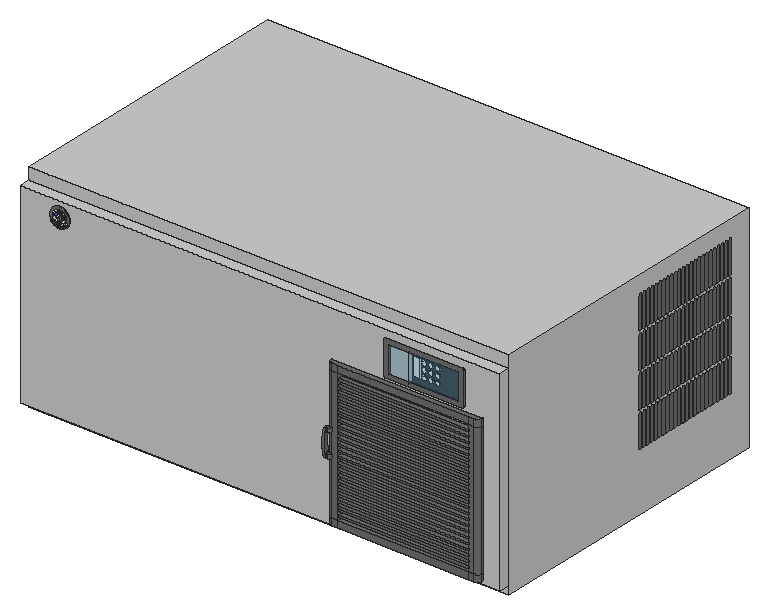
Revit family "QF_HOSHIZAKI_IM-240XPE_251030082202", category Specialty Equipment, Revit 2021
Family settings
  Round Connector Dimension = Use Diameter
  Part Type = Normal
  OmniClass Number = 23.40.40.14
  OmniClass Title = Food Service Equipment
  Work Plane-Based = No
  Always vertical = Yes
  Cut with Voids When Loaded = No
  Shared = No
  Room Calculation Point = No
Parameters (values of type "M120-D001")
  Weight [instance] = 78.00 kg
  Waste Water Discharge Temperature [instance] = 0 °C
  Waste Remarks [instance] = ""
  Warranty Start Date [instance] = ""
  Warranty Duration [instance] = ""
  Volts [instance] = 230 V
  Volt Free Conn [instance] = no
  URL Recommended Spares List [instance] = ""
  URL Manufacturer [instance] = ""
  URL Cutsheet [instance] = ""
  URL Critical Spares List [instance] = ""
  URL = "www.hoshizaki-europe.com"
  Technical Documentation [instance] = ""
  Tag Number [instance] = ""
  Status [instance] = ""
  Start Up Current [instance] = 0 A
  Specification by User [instance] = ""
  Specification by Manufacturer [instance] = ""
  Sound Level [instance] = ""
  Show Logo [instance] = yes
  Show Clearances [instance] = yes
  Service Life Duration [instance] = ""
  Serial Number [instance] = ""
  Seismic Rating [instance] = ""
  SMACNA No [instance] = ""
  Revision Code [instance] = ""
  Revision [instance] = ""
  Production Year [instance] = ""
  Potential Equalisation [instance] = no
  Point Load [instance] = 0
  Plumbing Remarks [instance] = ""
  Plumbing Connection Type [instance] = ""
  Phase [instance] = 1
  Other Equipment Approvals [instance] = ""
  Operational Current [instance] = 0 A
  Odor Trap Included [instance] = no
  Number of Poles [instance] = 2
  No Load Power Draw [instance] = no
  National Water Regulation Certification [instance] = no
  NAFEM Spec ID Number [instance] = ""
  Model Warning [instance] = ""
  Model = "IM-240XPE"
  Min Ckt Ampacity [instance] = 0 A
  Max Overcurrent Protection [instance] = 16 A
  Masterspec [instance] = ""
  Manufacturer = "HOSHIZAKI"
  Main switch integrated [instance] = no
  Length Actual [instance] = 1084 mm
  Item Number [instance] = ""
  Installed By [instance] = ""
  Installation Date [instance] = ""
  Indirect Waste Size [instance] = 19.05 mm
  Indirect Waste Remarks [instance] = ""
  Indirect Waste Flow [instance] = 0.0 L/s
  Indirect Waste Connection Type [instance] = ""
  Indirect Waste Connection Height [instance] = 0 mm
  Identify Quantity as Lot [instance] = no
  ID [instance] = ""
  Hygiene Approval [instance] = ""
  Height Actual [instance] = 500 mm
  HP power [instance] = ""
  Furnished By [instance] = ""
  Foodservice Equipment Identifier [instance] = no
  FL Amps [instance] = 3.67 A
  Electrical Remarks [instance] = "Plug not included"
  Electric power [instance] = 840 W
  Electric Connection Type [instance] = "Cord&Plug"
  Elec Conn RI Height [instance] = 0 mm
  Elec Conn Connection Height [instance] = 0 mm
  ETL Approved [instance] = no
  Direct Waste Water Discharge Temperature [instance] = -273.15 °C
  Direct Waste Size [instance] = 19.05 mm
  Direct Waste RI Height [instance] = 0 mm
  Direct Waste Flow [instance] = 0.0 L/s
  Direct Waste Connection Height [instance] = 0 mm
  Description = "CUBE MODEL IS A MODULAR AND STACKABLE (EXTENSION) ICE MAKER PRODUCING UP TO 210 KG OF CUBE ICE PER 24 HOURS. THIS MODEL IS COMPATIBLE WITH HOSHIZAKI STORAGE BINS"
  Depth Actual [instance] = 700 mm
  Default Elevation = 0 mm
  Cycle [instance] = 50 Hz
  Cost = 7035
  Connection to energy optimisation system [instance] = yes
  Conn Plug [instance] = ""
  Conn Conduit [instance] = no
  Cold Water Temperature Recommended [instance] = 0 °C
  Cold Water Size [instance] = 19.05 mm
  Cold Water Remarks [instance] = ""
  Cold Water RI Height [instance] = 0 mm
  Cold Water Quality [instance] = ""
  Cold Water Minimum Pressure [instance] = 200000.0 Pa
  Cold Water Maximum Pressure [instance] = 600000.0 Pa
  Cold Water Flow [instance] = 0.0 L/s
  Cold Water Connection Type [instance] = ""
  Cold Water Connection Height [instance] = 0 mm
  Centralized building control system with digital interface [instance] = ""
  CSI MasterFormat [instance] = ""
  CE Approved [instance] = no
  Barcode [instance] = 0
  Author [instance] = ""
  Asset Identifier [instance] = ""
  Apparent Power [instance] = 840 VA
  Accessory [instance] = no
Reference planes
  plane 1 "Center (Front/Back)": y = 0
  plane 2: z = 0
  plane 3 "Center (Left/Right)": x = 0
Forms (mm)
  Extrusion 1, solid, not visible
    sketch origin (48.002, -2, 388.019) x (1, 0, 0) y (0, 1, 0)
      loop
        line (-2, 2) -> (-2, -2) -> (2, -2) -> (2, 2) -> (-2, 2)
    from -2 to 2
  Extrusion 2, solid, not visible
    sketch origin (70.003, -2, 52.003) x (1, 0, 0) y (0, 1, 0)
      loop
        line (-2, 2) -> (-2, -2) -> (2, -2) -> (2, 2) -> (-2, 2)
    from -2 to 2
  Extrusion 3, solid, not visible
    sketch origin (1040.051, -2, 374.018) x (1, 0, 0) y (0, 1, 0)
      loop
        line (-2, 2) -> (-2, -2) -> (2, -2) -> (2, 2) -> (-2, 2)
    from -2 to 2
Dimensions and locks
  locked: Extrusion 1 to nested 2
  locked: nested 2 to Extrusion 1 at 2
  locked: Extrusion 2 to nested 3
  locked: nested 3 to Extrusion 2 at 2
  locked: Extrusion 3 to nested 4
  locked: nested 4 to Extrusion 3 at 2
  aligned and locked: level to plane 2
Nested families
  nested 1: "QF_HOSHIZAKI_IM-240DPE_2920" at (0, 0, 0), type "M120-D001"
    with Weight 78.00 kg, Warranty Start Date "", Warranty Duration "", URL Cutsheet "", Technical Documentation "", Tag Number "", Status "", Specification by User "", Specification by Manufacturer "", Sound Level "", Solid Fuel Type "", Show Logo yes, Show Clearances yes, Service Life Duration "", Serial Number "", Seismic Rating "", SMACNA No "", Revision Code "", Revision "", Production Year "", Point Load 0, Other Equipment Approvals "", NAFEM Spec ID Number "", Model Warning "", Masterspec "", Length Actual 1084 mm, Item Number "", Installed By "", Installation Date "", Identify Quantity as Lot yes, ID "", Hygiene Approval "", Height Actual 500 mm, Furnished By "", Foodservice Equipment Identifier yes, ETL Approved yes, Depth Actual 700 mm, CSI MasterFormat "", CE Approved yes, Barcode "", Asset Identifier "", Accessory no
  nested 2: "CONN_POINT_COLDWATER_2D___Generic_Annotation" at (48.002, 0, 388.019), type "CONN_POINT_COLDWATER_2D___Generic_Annotation"
    with Onboard connection annotation symbol visibility yes
  nested 3: "CONN_POINT_DRAIN_2D___Generic_Annotation" at (70.003, 0, 52.003), type "CONN_POINT_DRAIN_2D___Generic_Annotation"
    with Onboard connection annotation symbol visibility yes
  nested 4: "CONN_POINT_ELE_2D___Generic_Annotation" at (1040.051, 0, 374.018), type "CONN_POINT_ELE_2D___Generic_Annotation"
    with Onboard connection annotation symbol visibility yes
Connectors
  piping at (48.002, 0, 388.019), diameter 19.05, driven by "Cold Water Size", driven by "Cold Water Flow"
    settings: on Extrusion 1, index 1, connector inside diameter 609.6 mm, connector length 0 mm, flow factor 0, pipe flow 0.0 L/s, pressure drop 0.0 Pa, fitting loss kfactor 0, connector angle 0.00°, fixture units 0, engagement length 0 mm, angle of deflection 0.00°, flow configuration 1, flow direction 1, fitting loss method 0, system type 20, joint type 0, gender type 0, connector reference index -1, connector utility 0, adjustable connector no, is connector primary yes, connector description "Cold Water connection for IM-240XPE"
  piping at (70.003, 0, 52.003), diameter 19.05, driven by "Indirect Waste Size", driven by "Direct Waste Flow"
    settings: on Extrusion 2, index 2, connector inside diameter 609.6 mm, connector length 0 mm, flow factor 0, pipe flow 0.0 L/s, pressure drop 0.0 Pa, fitting loss kfactor 0, connector angle 0.00°, fixture units 0, engagement length 0 mm, angle of deflection 0.00°, flow configuration 1, flow direction 2, fitting loss method 0, system type 16, joint type 0, gender type 0, connector reference index -1, connector utility 0, adjustable connector no, is connector primary no, connector description "Waste connection for IM-240XPE"
  electrical at (1040.051, 0, 374.018), driven by "Apparent Power", driven by "Number of Poles", driven by "Volts"
    settings: on Extrusion 3, index 3, voltage 230 V, apparent load 0 VA, apparent load phase1 840 VA, apparent load phase2 0 VA, apparent load phase3 0 VA, power factor 1, load classification "Other", number of poles 2, system type 31, power factor state 1, is connector primary yes, connector utility no, sub classification motor no, connector description "Electrical connection for IM-240XPE"
Definition of nested family "QF_HOSHIZAKI_IM-240DPE_2920"
  Parameters (values of type "M120-D002")
    Weight [instance] = 0.00 kg
    Warranty Start Date [instance] = ""
    Warranty Duration [instance] = ""
    URL Cutsheet [instance] = ""
    URL = "www.hoshizaki-europe.com"
    Technical Documentation [instance] = ""
    Tag Number [instance] = ""
    Status [instance] = ""
    Specification by User [instance] = ""
    Specification by Manufacturer [instance] = ""
    Sound Level [instance] = ""
    Solid Fuel Type [instance] = ""
    Show Logo [instance] = yes
    Show Clearances [instance] = yes
    Service Life Duration [instance] = ""
    Serial Number [instance] = ""
    Seismic Rating [instance] = ""
    SMACNA No [instance] = ""
    Revision Code [instance] = ""
    Revision [instance] = ""
    Production Year [instance] = ""
    Point Load [instance] = 0
    Other Equipment Approvals [instance] = ""
    NAFEM Spec ID Number [instance] = ""
    Model Warning [instance] = ""
    Model = "IM-240DPE-23"
    Masterspec [instance] = ""
    Manufacturer = "HOSHIZAKI"
    Length Actual [instance] = 0 mm
    Item Number [instance] = ""
    Installed By [instance] = ""
    Installation Date [instance] = ""
    Identify Quantity as Lot [instance] = yes
    ID [instance] = ""
    Hygiene Approval [instance] = ""
    Height Actual [instance] = 0 mm
    Furnished By [instance] = ""
    Foodservice Equipment Identifier [instance] = yes
    ETL Approved [instance] = yes
    Description = "CUBE MODEL IS A MODULAR AND STACKABLE ICE MAKER PRODUCING UP TO 180 KG OF CUBE ICE PER 24 HOURS. THIS MODEL IS COMPATIBLE WITH HOSHIZAKI STORAGE BINS"
    Depth Actual [instance] = 0 mm
    Default Elevation = 0 mm
    CSI MasterFormat [instance] = ""
    CE Approved [instance] = yes
    Barcode [instance] = ""
    Author = "SPECIFI"
    Asset Identifier [instance] = ""
    Assembly Code = "E1090320"
    Accessory [instance] = yes
  Types (12, lengths in mm): name | Model | Description
    M120 | "IM-240DPE" | "CUBE MODEL IS A MODULAR AND STACKABLE ICE MAKER PRODUCING UP TO 210 KG OF CUBE ICE PER 24 HOURS. THIS MODEL IS COMPATIBLE WITH HOSHIZAKI STORAGE BINS"
    M120-D001 | "IM-240XPE" | "CUBE MODEL IS A MODULAR AND STACKABLE (EXTENSION) ICE MAKER PRODUCING UP TO 210 KG OF CUBE ICE PER 24 HOURS. THIS MODEL IS COMPATIBLE WITH HOSHIZAKI STORAGE BINS"
    M120-D002 | "IM-240DPE-23" | "CUBE MODEL IS A MODULAR AND STACKABLE ICE MAKER PRODUCING UP TO 180 KG OF CUBE ICE PER 24 HOURS. THIS MODEL IS COMPATIBLE WITH HOSHIZAKI STORAGE BINS"
    M120-D003 | "IM-240DPE-32" | "CUBE MODEL IS A MODULAR AND STACKABLE ICE MAKER PRODUCING UP TO 190 KG OF CUBE ICE PER 24 HOURS. THIS MODEL IS COMPATIBLE WITH HOSHIZAKI STORAGE BINS"
    M120-D004 | "IM-240XPE-23" | "CUBE MODEL IS A MODULAR AND STACKABLE (EXTENSION) ICE MAKER PRODUCING UP TO 180 KG OF CUBE ICE PER 24 HOURS. THIS MODEL IS COMPATIBLE WITH HOSHIZAKI STORAGE BINS"
    M120-D005 | "IM-240XPE-32" | "CUBE MODEL IS A MODULAR AND STACKABLE (EXTENSION) ICE MAKER PRODUCING UP TO 190 KG OF CUBE ICE PER 24 HOURS. THIS MODEL IS COMPATIBLE WITH HOSHIZAKI STORAGE BINS"
    M120-D200 | "IM-240DPE-U" | "ULTRACUBE MODEL IS A MODULAR AND STACKABLE ICE MAKER WITH UVC SANITIZATION FUNCTION PRODUCING UP TO 210 KG OF CUBE ICE PER 24 HOURS. THIS MODEL IS COMPATIBLE WITH HOSHIZAKI STORAGE BINS"
    M120-D201 | "IM-240XPE-U" | "ULTRACUBE MODEL IS A MODULAR AND STACKABLE (EXTENSION) ICE MAKER WITH UVC SANITIZATION FUNCTION PRODUCING UP TO 210 KG OF CUBE ICE PER 24 HOURS. THIS MODEL IS COMPATIBLE WITH HOSHIZAKI STORAGE BINS"
    M120-D202 | "IM-240DPE-U-23" | "ULTRACUBE MODEL IS A MODULAR AND STACKABLE ICE MAKER WITH UVC SANITIZATION FUNCTION PRODUCING UP TO 180 KG OF CUBE ICE PER  24 HOURS. THIS MODEL IS COMPATIBLE WITH HOSHIZAKI STORAGE BINS"
    M120-D203 | "IM-240DPE-U-32" | "ULTRACUBE MODEL IS A MODULAR AND STACKABLE ICE MAKER WITH UVC SANITIZATION FUNCTION PRODUCING UP TO 190 KG OF CUBE ICE PER 24 HOURS. THIS MODEL IS COMPATIBLE WITH HOSHIZAKI STORAGE BINS"
    M120-D204 | "IM-240XPE-U-23" | "ULTRACUBE MODEL IS A MODULAR AND STACKABLE (EXTENSION) ICE MAKER WITH UVC SANITIZATION FUNCTION PRODUCING UP TO 180 KG OF CUBE ICE PER 24 HOURS. THIS MODEL IS COMPATIBLE WITH HOSHIZAKI STORAGE BINS"
    M120-D205 | "IM-240XPE-U-32" | "ULTRACUBE MODEL IS A MODULAR AND STACKABLE (EXTENSION) ICE MAKER WITH UVC SANITIZATION FUNCTION PRODUCING UP TO 190 KG OF CUBE ICE PER 24 HOURS. THIS MODEL IS COMPATIBLE WITH HOSHIZAKI STORAGE BINS"
  Reference planes
    plane 1 "Back": y = 0
    plane 2: z = 0
    plane 3 "Left": x = 0
    plane 4 "Right": x = 1083.5
    plane 5 "Front": y = -700
    plane 6 "Top": z = 484.5
  Forms (mm)
    Extrusion 1, solid
      sketch origin (792, -700, 165.965) x (0, 0, -1) y (1, 0, 0)
        loop
          arc (-274.035, 35.5) -> (-272.863, 32.672) -> (-270.035, 31.5) r 4
          line (-270.035, 31.5) -> (-198.035, 31.5)
          arc (-198.035, 31.5) -> (-195.208, 32.671) -> (-194.037, 35.498) r 3.998
          line (-194.037, 35.498) -> (-194.037, 207.502)
          arc (-194.037, 207.502) -> (-195.208, 210.329) -> (-198.035, 211.5) r 3.998
          line (-198.035, 211.5) -> (-270.035, 211.5)
          arc (-270.035, 211.5) -> (-272.863, 210.328) -> (-274.035, 207.5) r 4
          line (-274.035, 207.5) -> (-274.035, 35.5)
        loop
          arc (-264.624, 43.446) -> (-264.326, 42.728) -> (-263.609, 42.431) r 1.015
          line (-263.609, 42.431) -> (-204.466, 42.431)
          arc (-204.466, 42.431) -> (-203.748, 42.728) -> (-203.451, 43.446) r 1.015
          line (-203.451, 43.446) -> (-203.451, 199.554)
          arc (-203.451, 199.554) -> (-203.74, 200.252) -> (-204.437, 200.541) r 0.987
          line (-204.437, 200.541) -> (-263.637, 200.541)
          arc (-263.637, 200.541) -> (-264.335, 200.252) -> (-264.624, 199.554) r 0.987
          line (-264.624, 199.554) -> (-264.624, 43.446)
      from 0 to 2
    Extrusion 2, solid
      sketch origin (792, -700, 734.481) x (0, 0, -1) y (1, 0, 0)
        loop
          arc (304.879, 200.541) -> (304.181, 200.252) -> (303.892, 199.554) r 0.987
          line (303.892, 199.554) -> (303.892, 43.446)
          arc (303.892, 43.446) -> (304.189, 42.728) -> (304.907, 42.431) r 1.015
          line (304.907, 42.431) -> (364.05, 42.431)
          arc (364.05, 42.431) -> (364.768, 42.728) -> (365.065, 43.446) r 1.015
          line (365.065, 43.446) -> (365.065, 199.554)
          arc (365.065, 199.554) -> (364.776, 200.252) -> (364.078, 200.541) r 0.987
          line (364.078, 200.541) -> (304.879, 200.541)
      from 0 to 2
    Extrusion 3, solid
      sketch origin (748.866, -692.5, 663.239) x (0, 0, -1) y (1, 0, 0)
        loop
          circle (248.239, 189.635) r 5
        loop
          circle (248.239, 174.635) r 5
        loop
          circle (248.239, 159.635) r 5
        loop
          circle (263.238, 189.635) r 5
        loop
          circle (263.238, 174.635) r 5
        loop
          circle (263.238, 159.635) r 5
        loop
          circle (278.238, 189.635) r 5
        loop
          circle (278.238, 174.635) r 5
        loop
          circle (278.238, 159.635) r 5
        loop
          line (243.239, 149.635) -> (243.239, 134.635) -> (283.238, 134.635) -> (283.238, 149.635) -> (243.239, 149.635)
      from 1 to 2
    Extrusion 4, void
      sketch origin (301.535, -692.5, 93.977) x (1, 0, 0) y (0, 0, 1)
        loop
          line (576.965, 341.023) -> (576.965, 271.025) -> (696.965, 271.025) -> (696.965, 341.023) -> (576.965, 341.023)
      from 0 to 12
    Extrusion 5, solid
      sketch origin (792, -692.5, 515.873) x (0, 0, -1) y (1, 0, 0)
        loop
          line (150.871, 206.5) -> (80.873, 206.5) -> (80.873, 86.5) -> (150.871, 86.5) -> (150.871, 206.5)
      from 0 to 1
    Extrusion 6, solid, visible <- "Show Logo"
      sketch origin (-2023.5, -705.5, -345) x (-1, 0, 0) y (0, 0, 1)
        loop
          circle (-2113.5, 769.5) r 13.99
      from 4.5 to 6
    Extrusion 7, solid, visible <- "Show Logo"
      sketch origin (-2023.5, -705.5, -345) x (-1, 0, 0) y (0, 0, 1)
        loop
          circle (-2113.5, 769.5) r 15
        loop
          line (-2126.5, 769.5) -> (-2120.846, 773.459) -> (-2118.907, 773.459) -> (-2118.036, 763.497) -> (-2119.632, 763.497) -> (-2117.808, 760.891) -> (-2122.091, 759.743)
          arc (-2122.091, 759.743) -> (-2112.99, 756.51) -> (-2104.171, 760.446) r 13
          line (-2104.171, 760.446) -> (-2111.913, 760.446) -> (-2113.024, 758.523) -> (-2117.6, 758.523) -> (-2113.951, 764.843) -> (-2112.168, 762.297) -> (-2110.969, 763.497) -> (-2112.161, 767.945) -> (-2112.983, 771.014) -> (-2114.045, 774.979) -> (-2115.629, 777.241) -> (-2111.344, 777.241) -> (-2110.01, 772.26) -> (-2108.361, 772.26) -> (-2107.029, 770.928) -> (-2104.038, 769.201) -> (-2103.03, 765.437) -> (-2100.604, 767.863)
          arc (-2100.604, 767.863) -> (-2112.68, 782.474) -> (-2126.5, 769.5) r 13
        loop
          arc (-2125.531, 764.467) -> (-2124.506, 762.602) -> (-2123.241, 760.891) r 15.828
          line (-2123.241, 760.891) -> (-2121.071, 768.926) -> (-2125.531, 764.467)
        loop
          line (-2109.801, 769.877) -> (-2109.801, 764.664) -> (-2108.483, 768.285) -> (-2106.744, 769.399) -> (-2109.801, 769.877)
        loop
          line (-2108.558, 762.979) -> (-2105.47, 762.035) -> (-2104.504, 761.224) -> (-2103.812, 761.916) -> (-2105.089, 763.908) -> (-2108.558, 762.979)
        loop
          line (-2110.775, 779.307) -> (-2108.457, 780.388) -> (-2110.775, 781.009) -> (-2110.775, 779.307)
        loop
          line (-2113.024, 781.662) -> (-2115.087, 781.11) -> (-2114.199, 779.205) -> (-2112.584, 779.638) -> (-2113.79, 780.335) -> (-2113.024, 781.662)
        loop
          line (-2113.762, 753.783) -> (-2114.844, 752.701) -> (-2116.385, 752.701) -> (-2115.329, 751.645) -> (-2115.642, 749.874) -> (-2113.762, 750.959) -> (-2111.881, 749.874) -> (-2112.194, 751.645) -> (-2111.138, 752.701) -> (-2112.679, 752.701) -> (-2113.762, 753.783)
        loop
          line (-2126.524, 760.7) -> (-2128.032, 760.965) -> (-2128.916, 762.228) -> (-2129.176, 760.757) -> (-2130.805, 759.997) -> (-2128.838, 759.08) -> (-2128.648, 756.917) -> (-2127.377, 758.188) -> (-2125.906, 757.929) -> (-2126.79, 759.191) -> (-2126.524, 760.7)
        loop
          line (-2120.989, 755.68) -> (-2122.45, 755.219) -> (-2123.816, 755.931) -> (-2123.367, 754.507) -> (-2124.462, 753.08) -> (-2122.293, 753.175) -> (-2121.127, 751.344) -> (-2120.586, 753.059) -> (-2119.162, 753.508) -> (-2120.529, 754.219) -> (-2120.989, 755.68)
        loop
          line (-2100.476, 760.7) -> (-2100.21, 759.191) -> (-2101.094, 757.929) -> (-2099.623, 758.188) -> (-2098.352, 756.917) -> (-2098.162, 759.08) -> (-2096.195, 759.997) -> (-2097.824, 760.757) -> (-2098.084, 762.228) -> (-2098.968, 760.965) -> (-2100.476, 760.7)
        loop
          line (-2106.011, 755.68) -> (-2106.471, 754.219) -> (-2107.838, 753.508) -> (-2106.414, 753.059) -> (-2105.873, 751.344) -> (-2104.707, 753.175) -> (-2102.538, 753.08) -> (-2103.633, 754.507) -> (-2103.184, 755.931) -> (-2104.55, 755.219) -> (-2106.011, 755.68)
      from 4 to 6
    Extrusion 8, solid, visible <- "Show Logo"
      sketch origin (-2023.5, -705.5, -345) x (-1, 0, 0) y (0, 0, 1)
        loop
          line (-2110.775, 781.009) -> (-2112.201, 782.435)
          arc (-2112.201, 782.435) -> (-2113.187, 782.496) -> (-2114.172, 782.435) r 8.046
          arc (-2114.172, 782.435) -> (-2116.517, 781.025) -> (-2117.04, 778.339) r 3.366
          line (-2117.04, 778.339) -> (-2118.907, 773.459) -> (-2117.808, 760.891) -> (-2119.436, 758.565) -> (-2117.576, 758.565) -> (-2113.951, 764.843) -> (-2112.168, 762.297) -> (-2110.969, 763.497) -> (-2114.045, 774.979) -> (-2115.629, 777.241) -> (-2111.299, 777.241) -> (-2110.775, 779.307) -> (-2110.775, 781.009)
        loop
          line (-2116.531, 758.523) -> (-2117.14, 757.468) -> (-2111.822, 757.468) -> (-2112.761, 758.407) -> (-2109.605, 758.407) -> (-2110.682, 759.485) -> (-2112.469, 759.485) -> (-2113.024, 758.523) -> (-2116.531, 758.523)
        loop
          line (-2113.024, 781.662) -> (-2115.087, 781.11) -> (-2114.199, 779.205) -> (-2112.584, 779.638) -> (-2113.79, 780.335) -> (-2113.024, 781.662)
      from 4 to 6
    Extrusion 9, solid, visible <- "Show Logo"
      sketch origin (-2023.5, -705.5, -345) x (-1, 0, 0) y (0, 0, 1)
        loop
          circle (-2113.5, 769.5) r 22.5
      from 5 to 7.5
    Extrusion 10, solid
      sketch origin (1066.159, 778.565, 0) x (1, 0, 0) y (0, 1, 0)
        loop
          line (-1066.159, -1453.565) -> (17.341, -1453.565) -> (17.341, -778.565) -> (-1066.159, -778.565) -> (-1066.159, -1453.565)
      from 0 to 484.5
    Extrusion 11, solid
      sketch origin (719, -246.9, 367.016) x (1, 0, 0) y (0, 1, 0)
        loop
          line (325.5, -453.1) -> (303.5, -453.1) -> (303.5, -465.393)
          arc (303.5, -465.393) -> (309.59, -465.197) -> (315.681, -465.034) r 1092.521
          arc (315.681, -465.034) -> (322.635, -462.042) -> (325.5, -455.034) r 10.002
          line (325.5, -455.034) -> (325.5, -453.1)
        loop
          line (-14.5, -453.1) -> (-14.5, -455.034)
          arc (-14.5, -455.034) -> (-11.635, -462.042) -> (-4.681, -465.034) r 10.002
          arc (-4.681, -465.034) -> (1.41, -465.197) -> (7.5, -465.393) r 1092.521
          line (7.5, -465.393) -> (7.5, -453.1) -> (-14.5, -453.1)
      from -326.266 to -27.766
    Extrusion 12, solid
      sketch origin (689, -246.9, 345.669) x (1, 0, 0) y (0, 1, 0)
        loop
          line (15.5, -453.1) -> (15.5, -455.034)
          arc (15.5, -455.034) -> (18.326, -462.002) -> (25.208, -465.032) r 10.002
          arc (25.208, -465.032) -> (31.354, -465.195) -> (37.5, -465.393) r 1092.521
          arc (37.5, -465.393) -> (185.5, -473.1) -> (333.5, -465.393) r 1424.956
          arc (333.5, -465.393) -> (339.646, -465.195) -> (345.792, -465.032) r 1092.521
          arc (345.792, -465.032) -> (352.674, -462.002) -> (355.5, -455.034) r 10.002
          line (355.5, -455.034) -> (355.5, -453.1) -> (15.5, -453.1)
      from -6.419 to 8.581
    Extrusion 13, solid
      sketch origin (693, -249.137, 323.492) x (1, 0, 0) y (0, 1, 0)
        loop
          line (33.5, -450.863) -> (33.5, -463.156)
          arc (33.5, -463.156) -> (181.5, -470.863) -> (329.5, -463.156) r 1424.956
          line (329.5, -463.156) -> (329.5, -450.863) -> (33.5, -450.863)
      from 0 to 5
    Extrusion 14, solid
      sketch origin (1781.412, -254.32, -81.6) x (0.981627, 0.190809, 0) y (0, 0, 1)
        loop
          arc (-1151.197, 298.873) -> (-1152.843, 274.1) -> (-1151.197, 249.327) r 187.231
          arc (-1151.197, 249.327) -> (-1149.194, 245.591) -> (-1145.226, 244.1) r 6.024
          line (-1145.226, 244.1) -> (-1145.226, 250.998)
          arc (-1145.226, 250.998) -> (-1146.248, 251.278) -> (-1146.611, 252.274) r 1.156
          arc (-1146.611, 252.274) -> (-1148.006, 274.246) -> (-1146.611, 296.218) r 173.751
          arc (-1146.611, 296.218) -> (-1146.134, 297.014) -> (-1145.226, 297.202) r 1.156
          line (-1145.226, 297.202) -> (-1145.226, 304.1)
          arc (-1145.226, 304.1) -> (-1149.194, 302.609) -> (-1151.197, 298.873) r 6.024
      from 240.648 to 249.648
    Extrusion 15, solid
      sketch origin (512.556, -197.237, -81.6) x (1, 0, 0) y (0, 1, 0)
        loop
          line (190.589, -511.828) -> (192.306, -520.663) -> (196.664, -519.816)
          arc (196.664, -519.816) -> (200.688, -515.7) -> (199.045, -510.184) r 5.675
          line (199.045, -510.184) -> (190.589, -511.828)
      from 297.227 to 304.1
    Extrusion 16, solid
      sketch origin (512.556, -197.237, -134.727) x (1, 0, 0) y (0, 1, 0)
        loop
          line (190.589, -511.828) -> (192.306, -520.663) -> (196.664, -519.816)
          arc (196.664, -519.816) -> (200.688, -515.7) -> (199.045, -510.184) r 5.675
          line (199.045, -510.184) -> (190.589, -511.828)
      from 297.227 to 304.1
    Extrusion 17, solid
      sketch origin (-793.685, 95.52, 630) x (1, 0, 0) y (0, 1, 0)
        loop
          line (1876.685, -770.52) -> (794.685, -770.52) -> (794.685, -795.52) -> (1876.685, -795.52) -> (1876.685, -770.52)
      from -612 to -172
    Extrusion 18, solid
      sketch origin (1084, -889.067, 239.54) x (0, -1, 0) y (0, 0, 1)
        loop
          arc (-579.567, 204.442) -> (-583.067, 207.942) -> (-586.567, 204.442) r 3.5
          line (-586.567, 204.442) -> (-586.567, 136.498)
          arc (-586.567, 136.498) -> (-583.067, 132.998) -> (-579.567, 136.498) r 3.5
          line (-579.567, 136.498) -> (-579.567, 204.442)
        loop
          arc (-590.567, 204.442) -> (-594.067, 207.942) -> (-597.567, 204.442) r 3.5
          line (-597.567, 204.442) -> (-597.567, 136.498)
          arc (-597.567, 136.498) -> (-594.067, 132.998) -> (-590.567, 136.498) r 3.5
          line (-590.567, 136.498) -> (-590.567, 204.442)
        loop
          arc (-601.567, 204.442) -> (-605.067, 207.942) -> (-608.567, 204.442) r 3.5
          line (-608.567, 204.442) -> (-608.567, 136.498)
          arc (-608.567, 136.498) -> (-605.067, 132.998) -> (-601.567, 136.498) r 3.5
          line (-601.567, 136.498) -> (-601.567, 204.442)
        loop
          arc (-612.567, 204.442) -> (-616.067, 207.942) -> (-619.567, 204.442) r 3.5
          line (-619.567, 204.442) -> (-619.567, 136.498)
          arc (-619.567, 136.498) -> (-616.067, 132.998) -> (-612.567, 136.498) r 3.5
          line (-612.567, 136.498) -> (-612.567, 204.442)
        loop
          arc (-623.567, 204.442) -> (-627.067, 207.942) -> (-630.567, 204.442) r 3.5
          line (-630.567, 204.442) -> (-630.567, 136.498)
          arc (-630.567, 136.498) -> (-627.067, 132.998) -> (-623.567, 136.498) r 3.5
          line (-623.567, 136.498) -> (-623.567, 204.442)
        loop
          arc (-634.567, 204.442) -> (-638.067, 207.942) -> (-641.567, 204.442) r 3.5
          line (-641.567, 204.442) -> (-641.567, 136.498)
          arc (-641.567, 136.498) -> (-638.067, 132.998) -> (-634.567, 136.498) r 3.5
          line (-634.567, 136.498) -> (-634.567, 204.442)
        loop
          arc (-645.567, 204.442) -> (-649.067, 207.942) -> (-652.567, 204.442) r 3.5
          line (-652.567, 204.442) -> (-652.567, 136.498)
          arc (-652.567, 136.498) -> (-649.067, 132.998) -> (-645.567, 136.498) r 3.5
          line (-645.567, 136.498) -> (-645.567, 204.442)
        loop
          arc (-656.567, 204.442) -> (-660.067, 207.942) -> (-663.567, 204.442) r 3.5
          line (-663.567, 204.442) -> (-663.567, 136.498)
          arc (-663.567, 136.498) -> (-660.067, 132.998) -> (-656.567, 136.498) r 3.5
          line (-656.567, 136.498) -> (-656.567, 204.442)
        loop
          arc (-667.567, 204.442) -> (-671.067, 207.942) -> (-674.567, 204.442) r 3.5
          line (-674.567, 204.442) -> (-674.567, 136.498)
          arc (-674.567, 136.498) -> (-671.067, 132.998) -> (-667.567, 136.498) r 3.5
          line (-667.567, 136.498) -> (-667.567, 204.442)
        loop
          arc (-678.567, 204.442) -> (-682.067, 207.942) -> (-685.567, 204.442) r 3.5
          line (-685.567, 204.442) -> (-685.567, 136.498)
          arc (-685.567, 136.498) -> (-682.067, 132.998) -> (-678.567, 136.498) r 3.5
          line (-678.567, 136.498) -> (-678.567, 204.442)
        loop
          arc (-689.567, 204.442) -> (-693.067, 207.942) -> (-696.567, 204.442) r 3.5
          line (-696.567, 204.442) -> (-696.567, 136.498)
          arc (-696.567, 136.498) -> (-693.067, 132.998) -> (-689.567, 136.498) r 3.5
          line (-689.567, 136.498) -> (-689.567, 204.442)
        loop
          arc (-700.567, 204.442) -> (-704.067, 207.942) -> (-707.567, 204.442) r 3.5
          line (-707.567, 204.442) -> (-707.567, 136.498)
          arc (-707.567, 136.498) -> (-704.067, 132.998) -> (-700.567, 136.498) r 3.5
          line (-700.567, 136.498) -> (-700.567, 204.442)
        loop
          arc (-711.567, 204.442) -> (-715.067, 207.942) -> (-718.567, 204.442) r 3.5
          line (-718.567, 204.442) -> (-718.567, 136.498)
          arc (-718.567, 136.498) -> (-715.067, 132.998) -> (-711.567, 136.498) r 3.5
          line (-711.567, 136.498) -> (-711.567, 204.442)
        loop
          arc (-722.567, 204.442) -> (-726.067, 207.942) -> (-729.567, 204.442) r 3.5
          line (-729.567, 204.442) -> (-729.567, 136.498)
          arc (-729.567, 136.498) -> (-726.067, 132.998) -> (-722.567, 136.498) r 3.5
          line (-722.567, 136.498) -> (-722.567, 204.442)
        loop
          arc (-733.567, 204.442) -> (-737.067, 207.942) -> (-740.567, 204.442) r 3.5
          line (-740.567, 204.442) -> (-740.567, 136.498)
          arc (-740.567, 136.498) -> (-737.067, 132.998) -> (-733.567, 136.498) r 3.5
          line (-733.567, 136.498) -> (-733.567, 204.442)
        loop
          arc (-744.567, 204.442) -> (-748.067, 207.942) -> (-751.567, 204.442) r 3.5
          line (-751.567, 204.442) -> (-751.567, 136.498)
          arc (-751.567, 136.498) -> (-748.067, 132.998) -> (-744.567, 136.498) r 3.5
          line (-744.567, 136.498) -> (-744.567, 204.442)
        loop
          arc (-755.567, 204.442) -> (-759.067, 207.942) -> (-762.567, 204.442) r 3.5
          line (-762.567, 204.442) -> (-762.567, 136.498)
          arc (-762.567, 136.498) -> (-759.067, 132.998) -> (-755.567, 136.498) r 3.5
          line (-755.567, 136.498) -> (-755.567, 204.442)
        loop
          arc (-766.567, 204.442) -> (-770.067, 207.942) -> (-773.567, 204.442) r 3.5
          line (-773.567, 204.442) -> (-773.567, 136.498)
          arc (-773.567, 136.498) -> (-770.067, 132.998) -> (-766.567, 136.498) r 3.5
          line (-766.567, 136.498) -> (-766.567, 204.442)
        loop
          arc (-777.567, 204.442) -> (-781.067, 207.942) -> (-784.567, 204.442) r 3.5
          line (-784.567, 204.442) -> (-784.567, 136.498)
          arc (-784.567, 136.498) -> (-781.067, 132.998) -> (-777.567, 136.498) r 3.5
          line (-777.567, 136.498) -> (-777.567, 204.442)
        loop
          arc (-788.567, 204.442) -> (-792.067, 207.942) -> (-795.567, 204.442) r 3.5
          line (-795.567, 204.442) -> (-795.567, 136.498)
          arc (-795.567, 136.498) -> (-792.067, 132.998) -> (-788.567, 136.498) r 3.5
          line (-788.567, 136.498) -> (-788.567, 204.442)
        loop
          arc (-799.567, 204.442) -> (-803.067, 207.942) -> (-806.567, 204.442) r 3.5
          line (-806.567, 204.442) -> (-806.567, 136.498)
          arc (-806.567, 136.498) -> (-803.067, 132.998) -> (-799.567, 136.498) r 3.5
          line (-799.567, 136.498) -> (-799.567, 204.442)
        loop
          arc (-810.567, 204.442) -> (-814.067, 207.942) -> (-817.567, 204.442) r 3.5
          line (-817.567, 204.442) -> (-817.567, 136.498)
          arc (-817.567, 136.498) -> (-814.067, 132.998) -> (-810.567, 136.498) r 3.5
          line (-810.567, 136.498) -> (-810.567, 204.442)
        loop
          arc (-821.567, 204.442) -> (-825.067, 207.942) -> (-828.567, 204.442) r 3.5
          line (-828.567, 204.442) -> (-828.567, 136.498)
          arc (-828.567, 136.498) -> (-825.067, 132.998) -> (-821.567, 136.498) r 3.5
          line (-821.567, 136.498) -> (-821.567, 204.442)
        loop
          arc (-832.567, 204.442) -> (-836.067, 207.942) -> (-839.567, 204.442) r 3.5
          line (-839.567, 204.442) -> (-839.567, 136.498)
          arc (-839.567, 136.498) -> (-836.067, 132.998) -> (-832.567, 136.498) r 3.5
          line (-832.567, 136.498) -> (-832.567, 204.442)
        loop
          arc (-579.567, 124.442) -> (-583.067, 127.942) -> (-586.567, 124.442) r 3.5
          line (-586.567, 124.442) -> (-586.567, 56.498)
          arc (-586.567, 56.498) -> (-583.067, 52.998) -> (-579.567, 56.498) r 3.5
          line (-579.567, 56.498) -> (-579.567, 124.442)
        loop
          arc (-590.567, 124.442) -> (-594.067, 127.942) -> (-597.567, 124.442) r 3.5
          line (-597.567, 124.442) -> (-597.567, 56.498)
          arc (-597.567, 56.498) -> (-594.067, 52.998) -> (-590.567, 56.498) r 3.5
          line (-590.567, 56.498) -> (-590.567, 124.442)
        loop
          arc (-601.567, 124.442) -> (-605.067, 127.942) -> (-608.567, 124.442) r 3.5
          line (-608.567, 124.442) -> (-608.567, 56.498)
          arc (-608.567, 56.498) -> (-605.067, 52.998) -> (-601.567, 56.498) r 3.5
          line (-601.567, 56.498) -> (-601.567, 124.442)
        loop
          arc (-612.567, 124.442) -> (-616.067, 127.942) -> (-619.567, 124.442) r 3.5
          line (-619.567, 124.442) -> (-619.567, 56.498)
          arc (-619.567, 56.498) -> (-616.067, 52.998) -> (-612.567, 56.498) r 3.5
          line (-612.567, 56.498) -> (-612.567, 124.442)
        loop
          arc (-623.567, 124.442) -> (-627.067, 127.942) -> (-630.567, 124.442) r 3.5
          line (-630.567, 124.442) -> (-630.567, 56.498)
          arc (-630.567, 56.498) -> (-627.067, 52.998) -> (-623.567, 56.498) r 3.5
          line (-623.567, 56.498) -> (-623.567, 124.442)
        loop
          arc (-634.567, 124.442) -> (-638.067, 127.942) -> (-641.567, 124.442) r 3.5
          line (-641.567, 124.442) -> (-641.567, 56.498)
          arc (-641.567, 56.498) -> (-638.067, 52.998) -> (-634.567, 56.498) r 3.5
          line (-634.567, 56.498) -> (-634.567, 124.442)
        loop
          arc (-645.567, 124.442) -> (-649.067, 127.942) -> (-652.567, 124.442) r 3.5
          line (-652.567, 124.442) -> (-652.567, 56.498)
          arc (-652.567, 56.498) -> (-649.067, 52.998) -> (-645.567, 56.498) r 3.5
          line (-645.567, 56.498) -> (-645.567, 124.442)
        loop
          arc (-656.567, 124.442) -> (-660.067, 127.942) -> (-663.567, 124.442) r 3.5
          line (-663.567, 124.442) -> (-663.567, 56.498)
          arc (-663.567, 56.498) -> (-660.067, 52.998) -> (-656.567, 56.498) r 3.5
          line (-656.567, 56.498) -> (-656.567, 124.442)
        loop
          arc (-667.567, 124.442) -> (-671.067, 127.942) -> (-674.567, 124.442) r 3.5
          line (-674.567, 124.442) -> (-674.567, 56.498)
          arc (-674.567, 56.498) -> (-671.067, 52.998) -> (-667.567, 56.498) r 3.5
          line (-667.567, 56.498) -> (-667.567, 124.442)
        loop
          arc (-678.567, 124.442) -> (-682.067, 127.942) -> (-685.567, 124.442) r 3.5
          line (-685.567, 124.442) -> (-685.567, 56.498)
          arc (-685.567, 56.498) -> (-682.067, 52.998) -> (-678.567, 56.498) r 3.5
          line (-678.567, 56.498) -> (-678.567, 124.442)
        loop
          arc (-689.567, 124.442) -> (-693.067, 127.942) -> (-696.567, 124.442) r 3.5
          line (-696.567, 124.442) -> (-696.567, 56.498)
          arc (-696.567, 56.498) -> (-693.067, 52.998) -> (-689.567, 56.498) r 3.5
          line (-689.567, 56.498) -> (-689.567, 124.442)
        loop
          arc (-700.567, 124.442) -> (-704.067, 127.942) -> (-707.567, 124.442) r 3.5
          line (-707.567, 124.442) -> (-707.567, 56.498)
          arc (-707.567, 56.498) -> (-704.067, 52.998) -> (-700.567, 56.498) r 3.5
          line (-700.567, 56.498) -> (-700.567, 124.442)
        loop
          arc (-711.567, 124.442) -> (-715.067, 127.942) -> (-718.567, 124.442) r 3.5
          line (-718.567, 124.442) -> (-718.567, 56.498)
          arc (-718.567, 56.498) -> (-715.067, 52.998) -> (-711.567, 56.498) r 3.5
          line (-711.567, 56.498) -> (-711.567, 124.442)
        loop
          arc (-722.567, 124.442) -> (-726.067, 127.942) -> (-729.567, 124.442) r 3.5
          line (-729.567, 124.442) -> (-729.567, 56.498)
          arc (-729.567, 56.498) -> (-726.067, 52.998) -> (-722.567, 56.498) r 3.5
          line (-722.567, 56.498) -> (-722.567, 124.442)
        loop
          arc (-733.567, 124.442) -> (-737.067, 127.942) -> (-740.567, 124.442) r 3.5
          line (-740.567, 124.442) -> (-740.567, 56.498)
          arc (-740.567, 56.498) -> (-737.067, 52.998) -> (-733.567, 56.498) r 3.5
          line (-733.567, 56.498) -> (-733.567, 124.442)
        loop
          arc (-744.567, 124.442) -> (-748.067, 127.942) -> (-751.567, 124.442) r 3.5
          line (-751.567, 124.442) -> (-751.567, 56.498)
          arc (-751.567, 56.498) -> (-748.067, 52.998) -> (-744.567, 56.498) r 3.5
          line (-744.567, 56.498) -> (-744.567, 124.442)
        loop
          arc (-755.567, 124.442) -> (-759.067, 127.942) -> (-762.567, 124.442) r 3.5
          line (-762.567, 124.442) -> (-762.567, 56.498)
          arc (-762.567, 56.498) -> (-759.067, 52.998) -> (-755.567, 56.498) r 3.5
          line (-755.567, 56.498) -> (-755.567, 124.442)
        loop
          arc (-766.567, 124.442) -> (-770.067, 127.942) -> (-773.567, 124.442) r 3.5
          line (-773.567, 124.442) -> (-773.567, 56.498)
          arc (-773.567, 56.498) -> (-770.067, 52.998) -> (-766.567, 56.498) r 3.5
          line (-766.567, 56.498) -> (-766.567, 124.442)
        loop
          arc (-777.567, 124.442) -> (-781.067, 127.942) -> (-784.567, 124.442) r 3.5
          line (-784.567, 124.442) -> (-784.567, 56.498)
          arc (-784.567, 56.498) -> (-781.067, 52.998) -> (-777.567, 56.498) r 3.5
          line (-777.567, 56.498) -> (-777.567, 124.442)
        loop
          arc (-788.567, 124.442) -> (-792.067, 127.942) -> (-795.567, 124.442) r 3.5
          line (-795.567, 124.442) -> (-795.567, 56.498)
          arc (-795.567, 56.498) -> (-792.067, 52.998) -> (-788.567, 56.498) r 3.5
          line (-788.567, 56.498) -> (-788.567, 124.442)
        loop
          arc (-799.567, 124.442) -> (-803.067, 127.942) -> (-806.567, 124.442) r 3.5
          line (-806.567, 124.442) -> (-806.567, 56.498)
          arc (-806.567, 56.498) -> (-803.067, 52.998) -> (-799.567, 56.498) r 3.5
          line (-799.567, 56.498) -> (-799.567, 124.442)
        loop
          arc (-810.567, 124.442) -> (-814.067, 127.942) -> (-817.567, 124.442) r 3.5
          line (-817.567, 124.442) -> (-817.567, 56.498)
          arc (-817.567, 56.498) -> (-814.067, 52.998) -> (-810.567, 56.498) r 3.5
          line (-810.567, 56.498) -> (-810.567, 124.442)
        loop
          arc (-821.567, 124.442) -> (-825.067, 127.942) -> (-828.567, 124.442) r 3.5
          line (-828.567, 124.442) -> (-828.567, 56.498)
          arc (-828.567, 56.498) -> (-825.067, 52.998) -> (-821.567, 56.498) r 3.5
          line (-821.567, 56.498) -> (-821.567, 124.442)
        loop
          arc (-832.567, 124.442) -> (-836.067, 127.942) -> (-839.567, 124.442) r 3.5
          line (-839.567, 124.442) -> (-839.567, 56.498)
          arc (-839.567, 56.498) -> (-836.067, 52.998) -> (-832.567, 56.498) r 3.5
          line (-832.567, 56.498) -> (-832.567, 124.442)
        loop
          arc (-579.567, 44.442) -> (-583.067, 47.942) -> (-586.567, 44.442) r 3.5
          line (-586.567, 44.442) -> (-586.567, -23.502)
          arc (-586.567, -23.502) -> (-583.067, -27.002) -> (-579.567, -23.502) r 3.5
          line (-579.567, -23.502) -> (-579.567, 44.442)
        loop
          arc (-590.567, 44.442) -> (-594.067, 47.942) -> (-597.567, 44.442) r 3.5
          line (-597.567, 44.442) -> (-597.567, -23.502)
          arc (-597.567, -23.502) -> (-594.067, -27.002) -> (-590.567, -23.502) r 3.5
          line (-590.567, -23.502) -> (-590.567, 44.442)
        loop
          arc (-601.567, 44.442) -> (-605.067, 47.942) -> (-608.567, 44.442) r 3.5
          line (-608.567, 44.442) -> (-608.567, -23.502)
          arc (-608.567, -23.502) -> (-605.067, -27.002) -> (-601.567, -23.502) r 3.5
          line (-601.567, -23.502) -> (-601.567, 44.442)
        loop
          arc (-612.567, 44.442) -> (-616.067, 47.942) -> (-619.567, 44.442) r 3.5
          line (-619.567, 44.442) -> (-619.567, -23.502)
          arc (-619.567, -23.502) -> (-616.067, -27.002) -> (-612.567, -23.502) r 3.5
          line (-612.567, -23.502) -> (-612.567, 44.442)
        loop
          arc (-623.567, 44.442) -> (-627.067, 47.942) -> (-630.567, 44.442) r 3.5
          line (-630.567, 44.442) -> (-630.567, -23.502)
          arc (-630.567, -23.502) -> (-627.067, -27.002) -> (-623.567, -23.502) r 3.5
          line (-623.567, -23.502) -> (-623.567, 44.442)
        loop
          arc (-634.567, 44.442) -> (-638.067, 47.942) -> (-641.567, 44.442) r 3.5
          line (-641.567, 44.442) -> (-641.567, -23.502)
          arc (-641.567, -23.502) -> (-638.067, -27.002) -> (-634.567, -23.502) r 3.5
          line (-634.567, -23.502) -> (-634.567, 44.442)
        loop
          arc (-645.567, 44.442) -> (-649.067, 47.942) -> (-652.567, 44.442) r 3.5
          line (-652.567, 44.442) -> (-652.567, -23.502)
          arc (-652.567, -23.502) -> (-649.067, -27.002) -> (-645.567, -23.502) r 3.5
          line (-645.567, -23.502) -> (-645.567, 44.442)
        loop
          arc (-656.567, 44.442) -> (-660.067, 47.942) -> (-663.567, 44.442) r 3.5
          line (-663.567, 44.442) -> (-663.567, -23.502)
          arc (-663.567, -23.502) -> (-660.067, -27.002) -> (-656.567, -23.502) r 3.5
          line (-656.567, -23.502) -> (-656.567, 44.442)
        loop
          arc (-667.567, 44.442) -> (-671.067, 47.942) -> (-674.567, 44.442) r 3.5
          line (-674.567, 44.442) -> (-674.567, -23.502)
          arc (-674.567, -23.502) -> (-671.067, -27.002) -> (-667.567, -23.502) r 3.5
          line (-667.567, -23.502) -> (-667.567, 44.442)
        loop
          arc (-678.567, 44.442) -> (-682.067, 47.942) -> (-685.567, 44.442) r 3.5
          line (-685.567, 44.442) -> (-685.567, -23.502)
          arc (-685.567, -23.502) -> (-682.067, -27.002) -> (-678.567, -23.502) r 3.5
          line (-678.567, -23.502) -> (-678.567, 44.442)
        loop
          arc (-689.567, 44.442) -> (-693.067, 47.942) -> (-696.567, 44.442) r 3.5
          line (-696.567, 44.442) -> (-696.567, -23.502)
          arc (-696.567, -23.502) -> (-693.067, -27.002) -> (-689.567, -23.502) r 3.5
          line (-689.567, -23.502) -> (-689.567, 44.442)
        loop
          arc (-700.567, 44.442) -> (-704.067, 47.942) -> (-707.567, 44.442) r 3.5
          line (-707.567, 44.442) -> (-707.567, -23.502)
          arc (-707.567, -23.502) -> (-704.067, -27.002) -> (-700.567, -23.502) r 3.5
          line (-700.567, -23.502) -> (-700.567, 44.442)
        loop
          arc (-711.567, 44.442) -> (-715.067, 47.942) -> (-718.567, 44.442) r 3.5
          line (-718.567, 44.442) -> (-718.567, -23.502)
          arc (-718.567, -23.502) -> (-715.067, -27.002) -> (-711.567, -23.502) r 3.5
          line (-711.567, -23.502) -> (-711.567, 44.442)
        loop
          arc (-722.567, 44.442) -> (-726.067, 47.942) -> (-729.567, 44.442) r 3.5
          line (-729.567, 44.442) -> (-729.567, -23.502)
          arc (-729.567, -23.502) -> (-726.067, -27.002) -> (-722.567, -23.502) r 3.5
          line (-722.567, -23.502) -> (-722.567, 44.442)
        loop
          arc (-733.567, 44.442) -> (-737.067, 47.942) -> (-740.567, 44.442) r 3.5
          line (-740.567, 44.442) -> (-740.567, -23.502)
          arc (-740.567, -23.502) -> (-737.067, -27.002) -> (-733.567, -23.502) r 3.5
          line (-733.567, -23.502) -> (-733.567, 44.442)
        loop
          arc (-744.567, 44.442) -> (-748.067, 47.942) -> (-751.567, 44.442) r 3.5
          line (-751.567, 44.442) -> (-751.567, -23.502)
          arc (-751.567, -23.502) -> (-748.067, -27.002) -> (-744.567, -23.502) r 3.5
          line (-744.567, -23.502) -> (-744.567, 44.442)
        loop
          arc (-755.567, 44.442) -> (-759.067, 47.942) -> (-762.567, 44.442) r 3.5
          line (-762.567, 44.442) -> (-762.567, -23.502)
          arc (-762.567, -23.502) -> (-759.067, -27.002) -> (-755.567, -23.502) r 3.5
          line (-755.567, -23.502) -> (-755.567, 44.442)
        loop
          arc (-766.567, 44.442) -> (-770.067, 47.942) -> (-773.567, 44.442) r 3.5
          line (-773.567, 44.442) -> (-773.567, -23.502)
          arc (-773.567, -23.502) -> (-770.067, -27.002) -> (-766.567, -23.502) r 3.5
          line (-766.567, -23.502) -> (-766.567, 44.442)
        loop
          arc (-777.567, 44.442) -> (-781.067, 47.942) -> (-784.567, 44.442) r 3.5
          line (-784.567, 44.442) -> (-784.567, -23.502)
          arc (-784.567, -23.502) -> (-781.067, -27.002) -> (-777.567, -23.502) r 3.5
          line (-777.567, -23.502) -> (-777.567, 44.442)
        loop
          arc (-788.567, 44.442) -> (-792.067, 47.942) -> (-795.567, 44.442) r 3.5
          line (-795.567, 44.442) -> (-795.567, -23.502)
          arc (-795.567, -23.502) -> (-792.067, -27.002) -> (-788.567, -23.502) r 3.5
          line (-788.567, -23.502) -> (-788.567, 44.442)
        loop
          arc (-799.567, 44.442) -> (-803.067, 47.942) -> (-806.567, 44.442) r 3.5
          line (-806.567, 44.442) -> (-806.567, -23.502)
          arc (-806.567, -23.502) -> (-803.067, -27.002) -> (-799.567, -23.502) r 3.5
          line (-799.567, -23.502) -> (-799.567, 44.442)
        loop
          arc (-810.567, 44.442) -> (-814.067, 47.942) -> (-817.567, 44.442) r 3.5
          line (-817.567, 44.442) -> (-817.567, -23.502)
          arc (-817.567, -23.502) -> (-814.067, -27.002) -> (-810.567, -23.502) r 3.5
          line (-810.567, -23.502) -> (-810.567, 44.442)
        loop
          arc (-821.567, 44.442) -> (-825.067, 47.942) -> (-828.567, 44.442) r 3.5
          line (-828.567, 44.442) -> (-828.567, -23.502)
          arc (-828.567, -23.502) -> (-825.067, -27.002) -> (-821.567, -23.502) r 3.5
          line (-821.567, -23.502) -> (-821.567, 44.442)
        loop
          arc (-832.567, 44.442) -> (-836.067, 47.942) -> (-839.567, 44.442) r 3.5
          line (-839.567, 44.442) -> (-839.567, -23.502)
          arc (-839.567, -23.502) -> (-836.067, -27.002) -> (-832.567, -23.502) r 3.5
          line (-832.567, -23.502) -> (-832.567, 44.442)
        loop
          arc (-579.567, -35.558) -> (-583.067, -32.058) -> (-586.567, -35.558) r 3.5
          line (-586.567, -35.558) -> (-586.567, -103.502)
          arc (-586.567, -103.502) -> (-583.067, -107.002) -> (-579.567, -103.502) r 3.5
          line (-579.567, -103.502) -> (-579.567, -35.558)
        loop
          arc (-590.567, -35.558) -> (-594.067, -32.058) -> (-597.567, -35.558) r 3.5
          line (-597.567, -35.558) -> (-597.567, -103.502)
          arc (-597.567, -103.502) -> (-594.067, -107.002) -> (-590.567, -103.502) r 3.5
          line (-590.567, -103.502) -> (-590.567, -35.558)
        loop
          arc (-601.567, -35.558) -> (-605.067, -32.058) -> (-608.567, -35.558) r 3.5
          line (-608.567, -35.558) -> (-608.567, -103.502)
          arc (-608.567, -103.502) -> (-605.067, -107.002) -> (-601.567, -103.502) r 3.5
          line (-601.567, -103.502) -> (-601.567, -35.558)
        loop
          arc (-612.567, -35.558) -> (-616.067, -32.058) -> (-619.567, -35.558) r 3.5
          line (-619.567, -35.558) -> (-619.567, -103.502)
          arc (-619.567, -103.502) -> (-616.067, -107.002) -> (-612.567, -103.502) r 3.5
          line (-612.567, -103.502) -> (-612.567, -35.558)
        loop
          arc (-623.567, -35.558) -> (-627.067, -32.058) -> (-630.567, -35.558) r 3.5
          line (-630.567, -35.558) -> (-630.567, -103.502)
          arc (-630.567, -103.502) -> (-627.067, -107.002) -> (-623.567, -103.502) r 3.5
          line (-623.567, -103.502) -> (-623.567, -35.558)
        loop
          arc (-634.567, -35.558) -> (-638.067, -32.058) -> (-641.567, -35.558) r 3.5
          line (-641.567, -35.558) -> (-641.567, -103.502)
          arc (-641.567, -103.502) -> (-638.067, -107.002) -> (-634.567, -103.502) r 3.5
          line (-634.567, -103.502) -> (-634.567, -35.558)
        loop
          arc (-645.567, -35.558) -> (-649.067, -32.058) -> (-652.567, -35.558) r 3.5
          line (-652.567, -35.558) -> (-652.567, -103.502)
          arc (-652.567, -103.502) -> (-649.067, -107.002) -> (-645.567, -103.502) r 3.5
          line (-645.567, -103.502) -> (-645.567, -35.558)
        loop
          arc (-656.567, -35.558) -> (-660.067, -32.058) -> (-663.567, -35.558) r 3.5
          line (-663.567, -35.558) -> (-663.567, -103.502)
          arc (-663.567, -103.502) -> (-660.067, -107.002) -> (-656.567, -103.502) r 3.5
          line (-656.567, -103.502) -> (-656.567, -35.558)
        loop
          arc (-667.567, -35.558) -> (-671.067, -32.058) -> (-674.567, -35.558) r 3.5
          line (-674.567, -35.558) -> (-674.567, -103.502)
          arc (-674.567, -103.502) -> (-671.067, -107.002) -> (-667.567, -103.502) r 3.5
          line (-667.567, -103.502) -> (-667.567, -35.558)
        loop
          arc (-678.567, -35.558) -> (-682.067, -32.058) -> (-685.567, -35.558) r 3.5
          line (-685.567, -35.558) -> (-685.567, -103.502)
          arc (-685.567, -103.502) -> (-682.067, -107.002) -> (-678.567, -103.502) r 3.5
          line (-678.567, -103.502) -> (-678.567, -35.558)
        loop
          arc (-689.567, -35.558) -> (-693.067, -32.058) -> (-696.567, -35.558) r 3.5
          line (-696.567, -35.558) -> (-696.567, -103.502)
          arc (-696.567, -103.502) -> (-693.067, -107.002) -> (-689.567, -103.502) r 3.5
          line (-689.567, -103.502) -> (-689.567, -35.558)
        loop
          arc (-700.567, -35.558) -> (-704.067, -32.058) -> (-707.567, -35.558) r 3.5
          line (-707.567, -35.558) -> (-707.567, -103.502)
          arc (-707.567, -103.502) -> (-704.067, -107.002) -> (-700.567, -103.502) r 3.5
          line (-700.567, -103.502) -> (-700.567, -35.558)
        loop
          arc (-711.567, -35.558) -> (-715.067, -32.058) -> (-718.567, -35.558) r 3.5
          line (-718.567, -35.558) -> (-718.567, -103.502)
          arc (-718.567, -103.502) -> (-715.067, -107.002) -> (-711.567, -103.502) r 3.5
          line (-711.567, -103.502) -> (-711.567, -35.558)
        loop
          arc (-722.567, -35.558) -> (-726.067, -32.058) -> (-729.567, -35.558) r 3.5
          line (-729.567, -35.558) -> (-729.567, -103.502)
          arc (-729.567, -103.502) -> (-726.067, -107.002) -> (-722.567, -103.502) r 3.5
          line (-722.567, -103.502) -> (-722.567, -35.558)
        loop
          arc (-733.567, -35.558) -> (-737.067, -32.058) -> (-740.567, -35.558) r 3.5
          line (-740.567, -35.558) -> (-740.567, -103.502)
          arc (-740.567, -103.502) -> (-737.067, -107.002) -> (-733.567, -103.502) r 3.5
          line (-733.567, -103.502) -> (-733.567, -35.558)
        loop
          arc (-744.567, -35.558) -> (-748.067, -32.058) -> (-751.567, -35.558) r 3.5
          line (-751.567, -35.558) -> (-751.567, -103.502)
          arc (-751.567, -103.502) -> (-748.067, -107.002) -> (-744.567, -103.502) r 3.5
          line (-744.567, -103.502) -> (-744.567, -35.558)
        loop
          arc (-755.567, -35.558) -> (-759.067, -32.058) -> (-762.567, -35.558) r 3.5
          line (-762.567, -35.558) -> (-762.567, -103.502)
          arc (-762.567, -103.502) -> (-759.067, -107.002) -> (-755.567, -103.502) r 3.5
          line (-755.567, -103.502) -> (-755.567, -35.558)
        loop
          arc (-766.567, -35.558) -> (-770.067, -32.058) -> (-773.567, -35.558) r 3.5
          line (-773.567, -35.558) -> (-773.567, -103.502)
          arc (-773.567, -103.502) -> (-770.067, -107.002) -> (-766.567, -103.502) r 3.5
          line (-766.567, -103.502) -> (-766.567, -35.558)
        loop
          arc (-777.567, -35.558) -> (-781.067, -32.058) -> (-784.567, -35.558) r 3.5
          line (-784.567, -35.558) -> (-784.567, -103.502)
          arc (-784.567, -103.502) -> (-781.067, -107.002) -> (-777.567, -103.502) r 3.5
          line (-777.567, -103.502) -> (-777.567, -35.558)
        loop
          arc (-788.567, -35.558) -> (-792.067, -32.058) -> (-795.567, -35.558) r 3.5
          line (-795.567, -35.558) -> (-795.567, -103.502)
          arc (-795.567, -103.502) -> (-792.067, -107.002) -> (-788.567, -103.502) r 3.5
          line (-788.567, -103.502) -> (-788.567, -35.558)
        loop
          arc (-799.567, -35.558) -> (-803.067, -32.058) -> (-806.567, -35.558) r 3.5
          line (-806.567, -35.558) -> (-806.567, -103.502)
          arc (-806.567, -103.502) -> (-803.067, -107.002) -> (-799.567, -103.502) r 3.5
          line (-799.567, -103.502) -> (-799.567, -35.558)
        loop
          arc (-810.567, -35.558) -> (-814.067, -32.058) -> (-817.567, -35.558) r 3.5
          line (-817.567, -35.558) -> (-817.567, -103.502)
          arc (-817.567, -103.502) -> (-814.067, -107.002) -> (-810.567, -103.502) r 3.5
          line (-810.567, -103.502) -> (-810.567, -35.558)
        loop
          arc (-821.567, -35.558) -> (-825.067, -32.058) -> (-828.567, -35.558) r 3.5
          line (-828.567, -35.558) -> (-828.567, -103.502)
          arc (-828.567, -103.502) -> (-825.067, -107.002) -> (-821.567, -103.502) r 3.5
          line (-821.567, -103.502) -> (-821.567, -35.558)
        loop
          arc (-832.567, -35.558) -> (-836.067, -32.058) -> (-839.567, -35.558) r 3.5
          line (-839.567, -35.558) -> (-839.567, -103.502)
          arc (-839.567, -103.502) -> (-836.067, -107.002) -> (-832.567, -103.502) r 3.5
          line (-832.567, -103.502) -> (-832.567, -35.558)
      from 0 to 2
    Extrusion 19, solid
      sketch origin (689, -246.9, 32.169) x (1, 0, 0) y (0, 1, 0)
        loop
          line (15.5, -453.1) -> (15.5, -455.034)
          arc (15.5, -455.034) -> (18.326, -462.002) -> (25.208, -465.032) r 10.002
          arc (25.208, -465.032) -> (31.354, -465.195) -> (37.5, -465.393) r 1092.521
          arc (37.5, -465.393) -> (185.5, -473.1) -> (333.5, -465.393) r 1424.956
          arc (333.5, -465.393) -> (339.646, -465.195) -> (345.792, -465.032) r 1092.521
          arc (345.792, -465.032) -> (352.674, -462.002) -> (355.5, -455.034) r 10.002
          line (355.5, -455.034) -> (355.5, -453.1) -> (15.5, -453.1)
      from -6.419 to 8.581
    Extrusion 20, solid
      sketch origin (693, -249.137, 311.492) x (1, 0, 0) y (0, 1, 0)
        loop
          line (33.5, -450.863) -> (33.5, -463.156)
          arc (33.5, -463.156) -> (181.5, -470.863) -> (329.5, -463.156) r 1424.956
          line (329.5, -463.156) -> (329.5, -450.863) -> (33.5, -450.863)
      from 0 to 5
    Extrusion 21, solid
      sketch origin (693, -249.137, 299.492) x (1, 0, 0) y (0, 1, 0)
        loop
          line (33.5, -450.863) -> (33.5, -463.156)
          arc (33.5, -463.156) -> (181.5, -470.863) -> (329.5, -463.156) r 1424.956
          line (329.5, -463.156) -> (329.5, -450.863) -> (33.5, -450.863)
      from 0 to 5
    Extrusion 22, solid
      sketch origin (693, -249.137, 287.492) x (1, 0, 0) y (0, 1, 0)
        loop
          line (33.5, -450.863) -> (33.5, -463.156)
          arc (33.5, -463.156) -> (181.5, -470.863) -> (329.5, -463.156) r 1424.956
          line (329.5, -463.156) -> (329.5, -450.863) -> (33.5, -450.863)
      from 0 to 5
    Extrusion 23, solid
      sketch origin (693, -249.137, 275.492) x (1, 0, 0) y (0, 1, 0)
        loop
          line (33.5, -450.863) -> (33.5, -463.156)
          arc (33.5, -463.156) -> (181.5, -470.863) -> (329.5, -463.156) r 1424.956
          line (329.5, -463.156) -> (329.5, -450.863) -> (33.5, -450.863)
      from 0 to 5
    Extrusion 24, solid
      sketch origin (693, -249.137, 263.492) x (1, 0, 0) y (0, 1, 0)
        loop
          line (33.5, -450.863) -> (33.5, -463.156)
          arc (33.5, -463.156) -> (181.5, -470.863) -> (329.5, -463.156) r 1424.956
          line (329.5, -463.156) -> (329.5, -450.863) -> (33.5, -450.863)
      from 0 to 5
    Extrusion 25, solid
      sketch origin (693, -249.137, 251.492) x (1, 0, 0) y (0, 1, 0)
        loop
          line (33.5, -450.863) -> (33.5, -463.156)
          arc (33.5, -463.156) -> (181.5, -470.863) -> (329.5, -463.156) r 1424.956
          line (329.5, -463.156) -> (329.5, -450.863) -> (33.5, -450.863)
      from 0 to 5
    Extrusion 26, solid
      sketch origin (693, -249.137, 239.492) x (1, 0, 0) y (0, 1, 0)
        loop
          line (33.5, -450.863) -> (33.5, -463.156)
          arc (33.5, -463.156) -> (181.5, -470.863) -> (329.5, -463.156) r 1424.956
          line (329.5, -463.156) -> (329.5, -450.863) -> (33.5, -450.863)
      from 0 to 5
    Extrusion 27, solid
      sketch origin (693, -249.137, 227.492) x (1, 0, 0) y (0, 1, 0)
        loop
          line (33.5, -450.863) -> (33.5, -463.156)
          arc (33.5, -463.156) -> (181.5, -470.863) -> (329.5, -463.156) r 1424.956
          line (329.5, -463.156) -> (329.5, -450.863) -> (33.5, -450.863)
      from 0 to 5
    Extrusion 28, solid
      sketch origin (693, -249.137, 215.492) x (1, 0, 0) y (0, 1, 0)
        loop
          line (33.5, -450.863) -> (33.5, -463.156)
          arc (33.5, -463.156) -> (181.5, -470.863) -> (329.5, -463.156) r 1424.956
          line (329.5, -463.156) -> (329.5, -450.863) -> (33.5, -450.863)
      from 0 to 5
    Extrusion 29, solid
      sketch origin (693, -249.137, 203.492) x (1, 0, 0) y (0, 1, 0)
        loop
          line (33.5, -450.863) -> (33.5, -463.156)
          arc (33.5, -463.156) -> (181.5, -470.863) -> (329.5, -463.156) r 1424.956
          line (329.5, -463.156) -> (329.5, -450.863) -> (33.5, -450.863)
      from 0 to 5
    Extrusion 30, solid
      sketch origin (693, -249.137, 191.492) x (1, 0, 0) y (0, 1, 0)
        loop
          line (33.5, -450.863) -> (33.5, -463.156)
          arc (33.5, -463.156) -> (181.5, -470.863) -> (329.5, -463.156) r 1424.956
          line (329.5, -463.156) -> (329.5, -450.863) -> (33.5, -450.863)
      from 0 to 5
    Extrusion 31, solid
      sketch origin (693, -249.137, 179.492) x (1, 0, 0) y (0, 1, 0)
        loop
          line (33.5, -450.863) -> (33.5, -463.156)
          arc (33.5, -463.156) -> (181.5, -470.863) -> (329.5, -463.156) r 1424.956
          line (329.5, -463.156) -> (329.5, -450.863) -> (33.5, -450.863)
      from 0 to 5
    Extrusion 32, solid
      sketch origin (693, -249.137, 167.492) x (1, 0, 0) y (0, 1, 0)
        loop
          line (33.5, -450.863) -> (33.5, -463.156)
          arc (33.5, -463.156) -> (181.5, -470.863) -> (329.5, -463.156) r 1424.956
          line (329.5, -463.156) -> (329.5, -450.863) -> (33.5, -450.863)
      from 0 to 5
    Extrusion 33, solid
      sketch origin (693, -249.137, 155.492) x (1, 0, 0) y (0, 1, 0)
        loop
          line (33.5, -450.863) -> (33.5, -463.156)
          arc (33.5, -463.156) -> (181.5, -470.863) -> (329.5, -463.156) r 1424.956
          line (329.5, -463.156) -> (329.5, -450.863) -> (33.5, -450.863)
      from 0 to 5
    Extrusion 34, solid
      sketch origin (693, -249.137, 143.492) x (1, 0, 0) y (0, 1, 0)
        loop
          line (33.5, -450.863) -> (33.5, -463.156)
          arc (33.5, -463.156) -> (181.5, -470.863) -> (329.5, -463.156) r 1424.956
          line (329.5, -463.156) -> (329.5, -450.863) -> (33.5, -450.863)
      from 0 to 5
    Extrusion 35, solid
      sketch origin (693, -249.137, 131.492) x (1, 0, 0) y (0, 1, 0)
        loop
          line (33.5, -450.863) -> (33.5, -463.156)
          arc (33.5, -463.156) -> (181.5, -470.863) -> (329.5, -463.156) r 1424.956
